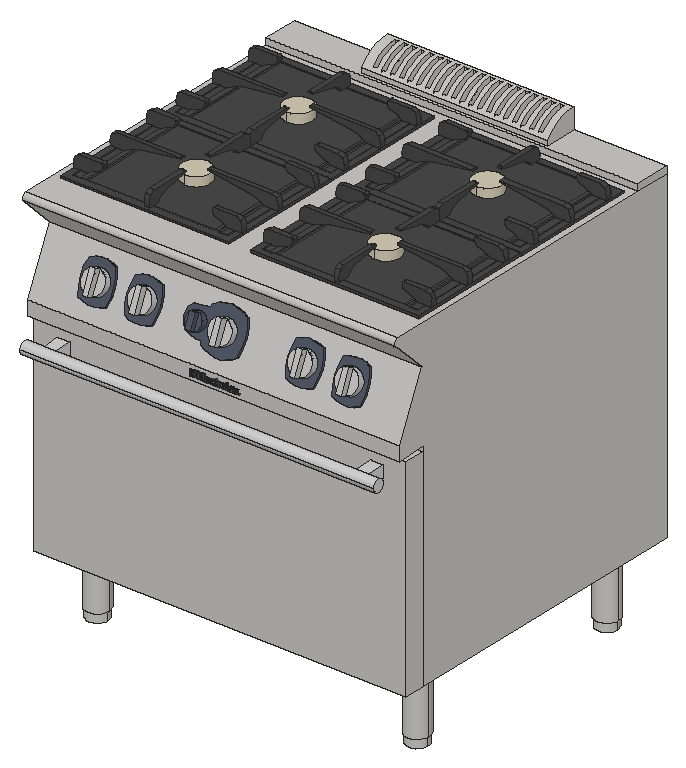
Revit family "QF_ELECTROLUXPROFESSIONAL_371002_E7GCGH4CG0", category Specialty Equipment, Revit 2018 (continued)
Automatic sketch dimensions
  Extrusion 26 sketch curve to Extrusion 26 sketch curve = 0.063 mm
  Extrusion 26 sketch curve to Extrusion 26 sketch curve = 1.023 mm
  Extrusion 26 sketch curve to Extrusion 26 sketch curve = 3.804 mm
  Extrusion 26 sketch curve to Extrusion 26 sketch curve = 0.486 mm
  Extrusion 26 sketch curve to Extrusion 26 sketch curve = 0.266 mm
  Extrusion 26 sketch curve to plane 7 "Center Y" = 0.787 mm
  Extrusion 26 sketch curve to Extrusion 26 sketch curve = 1.547 mm
  Extrusion 26 sketch curve to Extrusion 26 sketch curve = 0.717 mm  (x2)
  Extrusion 26 sketch curve to Extrusion 26 sketch curve = 1.667 mm
  plane 7 "Center Y" to Extrusion 26 sketch curve = 44.532 mm
  Extrusion 26 sketch curve to Extrusion 26 sketch curve = 3.174 mm
  plane 7 "Center Y" to Extrusion 26 sketch curve = 0.368 mm
  Extrusion 26 sketch curve to Extrusion 26 sketch curve = 0.388 mm
  Extrusion 26 sketch curve to Extrusion 26 sketch curve = 1.342 mm
  plane 7 "Center Y" to Extrusion 26 sketch curve = 50.135 mm
  Extrusion 26 sketch curve to Extrusion 26 sketch curve = 1.521 mm
  plane 7 "Center Y" to Extrusion 26 sketch curve = 51.694 mm
  Extrusion 26 sketch curve to Extrusion 26 sketch curve = 0.124 mm
  Extrusion 26 sketch curve to Extrusion 26 sketch curve = 0.291 mm
  plane 7 "Center Y" to Extrusion 26 sketch curve = 7.285 mm
  Extrusion 26 sketch curve to Extrusion 26 sketch curve = 1.049 mm  (x2)
  plane 7 "Center Y" to Extrusion 26 sketch curve = 47.668 mm
  Extrusion 26 sketch curve to Extrusion 26 sketch curve = 1.7 mm
  Extrusion 26 sketch curve to Extrusion 26 sketch curve = 0.894 mm
  Extrusion 26 sketch curve to Extrusion 26 sketch curve = 0.989 mm
  Extrusion 26 sketch curve to Extrusion 26 sketch curve = 1.168 mm
  Extrusion 26 sketch curve to Extrusion 26 sketch curve = 1.594 mm
  Extrusion 26 sketch curve to Extrusion 26 sketch curve = 0.731 mm
  Extrusion 26 sketch curve to Extrusion 26 sketch curve = 1.566 mm
  Extrusion 26 sketch curve to Extrusion 26 sketch curve = 0.064 mm
  plane 7 "Center Y" to Extrusion 26 sketch curve = 7.842 mm
  Extrusion 26 sketch curve to Extrusion 26 sketch curve = 0.556 mm
  Extrusion 26 sketch curve to Extrusion 26 sketch curve = 0.48 mm
  Extrusion 26 sketch curve to Extrusion 26 sketch curve = 0.228 mm
  Extrusion 26 sketch curve to Extrusion 26 sketch curve = 1.018 mm
  plane 7 "Center Y" to Extrusion 26 sketch curve = 37.429 mm
  Extrusion 26 sketch curve to Extrusion 26 sketch curve = 0.787 mm
  Extrusion 26 sketch curve to Extrusion 26 sketch curve = 0.618 mm
  plane 7 "Center Y" to Extrusion 26 sketch curve = 42.486 mm
  Extrusion 26 sketch curve to Extrusion 26 sketch curve = 1.672 mm
  plane 7 "Center Y" to Extrusion 26 sketch curve = 53.436 mm
  Extrusion 26 sketch curve to Extrusion 26 sketch curve = 1.361 mm
  Extrusion 26 sketch curve to Extrusion 26 sketch curve = 0.822 mm
  Extrusion 26 sketch curve to Extrusion 26 sketch curve = 0.069 mm
  Extrusion 26 sketch curve to Extrusion 26 sketch curve = 1.88 mm
  plane 7 "Center Y" to Extrusion 26 sketch curve = 35.269 mm
  Extrusion 26 sketch curve to Extrusion 26 sketch curve = 0.42 mm
  Extrusion 26 sketch curve to Extrusion 26 sketch curve = 0.062 mm
  Extrusion 26 sketch curve to Extrusion 26 sketch curve = 1.355 mm
  Extrusion 26 sketch curve to Extrusion 26 sketch curve = 2.34 mm
  Extrusion 26 sketch curve to Extrusion 26 sketch curve = 0.493 mm
  Extrusion 26 sketch curve to Extrusion 26 sketch curve = 0.136 mm
  Extrusion 26 sketch curve to Extrusion 26 sketch curve = 0.128 mm
  Extrusion 26 sketch curve to Extrusion 26 sketch curve = 3.616 mm
  Extrusion 26 sketch curve to Extrusion 26 sketch curve = 4.207 mm
  Extrusion 26 sketch curve to Extrusion 26 sketch curve = 0.183 mm
  Extrusion 26 sketch curve to Extrusion 26 sketch curve = 0.895 mm
  Extrusion 26 sketch curve to Extrusion 26 sketch curve = 1.314 mm
  Extrusion 26 sketch curve to Extrusion 26 sketch curve = 3.231 mm
  Extrusion 26 sketch curve to plane 7 "Center Y" = 23.526 mm
  Extrusion 26 sketch curve to Extrusion 26 sketch curve = 1.299 mm
  Extrusion 26 sketch curve to Extrusion 26 sketch curve = 1.214 mm
  plane 7 "Center Y" to Extrusion 26 sketch curve = 26.369 mm
  Extrusion 26 sketch curve to Extrusion 26 sketch curve = 1.264 mm
  Extrusion 26 sketch curve to Extrusion 26 sketch curve = 0.109 mm
  Extrusion 26 sketch curve to Extrusion 26 sketch curve = 0.357 mm
  Extrusion 26 sketch curve to Extrusion 26 sketch curve = 0.565 mm
  Extrusion 26 sketch curve to Extrusion 26 sketch curve = 2.504 mm
  Extrusion 26 sketch curve to Extrusion 26 sketch curve = 2.459 mm
  Extrusion 26 sketch curve to Extrusion 26 sketch curve = 0.983 mm
  Extrusion 26 sketch curve to Extrusion 26 sketch curve = 0.422 mm  (x2)
  Extrusion 26 sketch curve to Extrusion 26 sketch curve = 1.268 mm
  Extrusion 26 sketch curve to Extrusion 26 sketch curve = 0.671 mm
  Extrusion 26 sketch curve to Extrusion 26 sketch curve = 1.634 mm
  Extrusion 26 sketch curve to Extrusion 26 sketch curve = 0.132 mm
  Extrusion 26 sketch curve to Extrusion 26 sketch curve = 0.586 mm
  Extrusion 26 sketch curve to Extrusion 26 sketch curve = 1.241 mm
  Extrusion 26 sketch curve to Extrusion 26 sketch curve = 1.689 mm
  Extrusion 26 sketch curve to Extrusion 26 sketch curve = 0.627 mm
  Extrusion 26 sketch curve to Extrusion 26 sketch curve = 0.419 mm
  Extrusion 26 sketch curve to Extrusion 26 sketch curve = 1.514 mm
  Extrusion 26 sketch curve to Extrusion 26 sketch curve = 1.019 mm
  Extrusion 26 sketch curve to Extrusion 26 sketch curve = 0.065 mm
  Extrusion 26 sketch curve to Extrusion 26 sketch curve = 1.215 mm
  Extrusion 26 sketch curve to Extrusion 26 sketch curve = 1.122 mm
  Extrusion 26 sketch curve to Extrusion 26 sketch curve = 1.153 mm
  Extrusion 26 sketch curve to Extrusion 26 sketch curve = 1.223 mm
  Extrusion 26 sketch curve to Extrusion 26 sketch curve = 0.934 mm
  Extrusion 26 sketch curve to Extrusion 26 sketch curve = 3.376 mm
  Extrusion 26 sketch curve to Extrusion 26 sketch curve = 0.222 mm
  Extrusion 26 sketch curve to Extrusion 26 sketch curve = 1.383 mm
  Extrusion 26 sketch curve to Extrusion 26 sketch curve = 1.556 mm
  Extrusion 26 sketch curve to Extrusion 26 sketch curve = 2.559 mm
  Extrusion 26 sketch curve to Extrusion 26 sketch curve = 2.51 mm
  Extrusion 26 sketch curve to Extrusion 26 sketch curve = 0.131 mm
  Extrusion 26 sketch curve to Extrusion 26 sketch curve = 1.134 mm
  Extrusion 26 sketch curve to Extrusion 26 sketch curve = 0.094 mm
  Extrusion 26 sketch curve to Extrusion 26 sketch curve = 1.584 mm
  Extrusion 26 sketch curve to Extrusion 26 sketch curve = 0.27 mm
  Extrusion 26 sketch curve to Extrusion 26 sketch curve = 0.916 mm
  Extrusion 26 sketch curve to Extrusion 26 sketch curve = 0.352 mm
  Extrusion 26 sketch curve to Extrusion 26 sketch curve = 0.458 mm
  Extrusion 26 sketch curve to Extrusion 26 sketch curve = 1.282 mm
  Extrusion 26 sketch curve to Extrusion 26 sketch curve = 1.363 mm
  Extrusion 26 sketch curve to Extrusion 26 sketch curve = 0.685 mm
  Extrusion 26 sketch curve to Extrusion 26 sketch curve = 0.905 mm
  Extrusion 26 sketch curve to Extrusion 26 sketch curve = 1.477 mm
  Extrusion 26 sketch curve to Extrusion 26 sketch curve = 0.472 mm
  Extrusion 26 sketch curve to Extrusion 26 sketch curve = 0.101 mm
  Extrusion 26 sketch curve to Extrusion 26 sketch curve = 0.54 mm
  Extrusion 26 sketch curve to Extrusion 26 sketch curve = 0.02 mm
  Extrusion 26 sketch curve to Extrusion 26 sketch curve = 0.829 mm
  Extrusion 26 sketch curve to Extrusion 26 sketch curve = 0.582 mm
  Extrusion 26 sketch curve to Extrusion 26 sketch curve = 0.166 mm
  Extrusion 26 sketch curve to Extrusion 26 sketch curve = 0.16 mm
  Extrusion 26 sketch curve to Extrusion 26 sketch curve = 1.118 mm
  Extrusion 26 sketch curve to Extrusion 26 sketch curve = 0.613 mm
  Extrusion 26 sketch curve to Extrusion 26 sketch curve = 0.781 mm
  Extrusion 26 sketch curve to Extrusion 26 sketch curve = 0.361 mm
  Extrusion 26 sketch curve to Extrusion 26 sketch curve = 0.897 mm
  Extrusion 26 sketch curve to Extrusion 26 sketch curve = 0.167 mm
  Extrusion 26 sketch curve to Extrusion 26 sketch curve = 0.292 mm
  Extrusion 26 sketch curve to Extrusion 26 sketch curve = 0.305 mm
  Extrusion 26 sketch curve to Extrusion 26 sketch curve = 1.557 mm
  Extrusion 26 sketch curve to Extrusion 26 sketch curve = 2.499 mm
  Extrusion 26 sketch curve to Extrusion 26 sketch curve = 3.062 mm
  Extrusion 26 sketch curve to Extrusion 26 sketch curve = 2.968 mm
  Extrusion 26 sketch curve to Extrusion 26 sketch curve = 5.044 mm
  Extrusion 26 sketch curve to Extrusion 26 sketch curve = 0.629 mm  (x2)
  Extrusion 26 sketch curve to Extrusion 26 sketch curve = 1.131 mm
  Extrusion 26 sketch curve to Extrusion 26 sketch curve = 0.137 mm
  Extrusion 26 sketch curve to Extrusion 26 sketch curve = 0.027 mm
  Extrusion 26 sketch curve to Extrusion 26 sketch curve = 2.046 mm
  Extrusion 26 sketch curve to Extrusion 26 sketch curve = 2.235 mm
  radius of Extrusion 9 sketch curve = 12.7 mm
  radius of Extrusion 12 sketch curve = 25.4 mm  (x5)
  radius of Extrusion 15 sketch curve = 18.37 mm
  radius of Extrusion 17 sketch curve = 6.35 mm
Nested families
  nested 1: "371009_BURNER" at (8.5, -5, 0), type "371009_BURNER"
    with Type Mark "", Status "", Specification by User "", Revision Code "", Item Number "", Installed By "", Identify Quantity as Lot yes, Furnished By "", Foodservice Equipment Identifier yes
  nested 2: "371009_BURNER" at (8.5, -739.127, 0), type "371009_BURNER"
    with Type Mark "", Status "", Specification by User "", Revision Code "", Item Number "", Installed By "", Identify Quantity as Lot yes, Furnished By "", Foodservice Equipment Identifier yes
  nested 3: "371009_BURNER" at (416.5, -5, 0), type "371009_BURNER"
    with Type Mark "", Status "", Specification by User "", Revision Code "", Item Number "", Installed By "", Identify Quantity as Lot yes, Furnished By "", Foodservice Equipment Identifier yes
  nested 4: "371009_BURNER" at (416.5, -739.127, 0), type "371009_BURNER"
    with Type Mark "", Status "", Specification by User "", Revision Code "", Item Number "", Installed By "", Identify Quantity as Lot yes, Furnished By "", Foodservice Equipment Identifier yes
Connectors
  piping at (747.613, -464, 141.185), diameter 12.8
    settings: on Extrusion 17, index 1, connector inside diameter 0.50394", connector length 0 mm, flow factor 0, pipe flow 0 GPM, pressure drop 0.00 psi, fitting loss kfactor 0, connector angle 0.00°, fixture units 0, engagement length 0 mm, angle of deflection 0.00°, flow configuration 1, flow direction 1, fitting loss method 0, system type 7, joint type 0, gender type 0, connector reference index -1, connector utility 0, adjustable connector no, is connector primary yes, connector description "Gas Inlet"
Definition of nested family "371009_BURNER"
  Parameters
    Weight in Pounds = 0
    URL Cutsheet = ""
    URL = "www.electrolux.com"
    Type Mark [instance] = ""
    Status [instance] = ""
    Specification by User [instance] = ""
    Specification by Manufacturer = ""
    Serial Number = ""
    Seismic Rating = ""
    SMACNA No = ""
    Revision Code [instance] = ""
    Omniclass Number and Title = ""
    NAFEM Spec ID Number = ""
    Model = "371009"
    Masterspec = ""
    Manufacturer = "ELECTROLUX"
    Item Number [instance] = ""
    Installed By [instance] = ""
    Identify Quantity as Lot [instance] = yes
    Furnished By [instance] = ""
    Foodservice Equipment Identifier [instance] = yes
    Description = ""
    CSI MasterFormat = ""
    CSI Master Format = ""
  Reference planes
    plane 1 "BACK": y = 0
    plane 2: z = 0
    plane 3 "LEFT": x = 0
    plane 4 "RIGHT": x = 800
    plane 5 "FRONT": y = -700
    plane 6 "TOP": z = 908.85
    plane 7 "Center Y": x = 400
    plane 8 "Center X": y = -350
    plane 9 "Base": z = 150
    plane 10: z = 850.85
  Forms (mm)
    Extrusion 1, solid
      sketch origin (0, -734.127, 5) x (1, 0, 0) y (0, 0, -1)
        loop
          arc (7.142, -850.85) -> (6.739, -862.989) -> (9.761, -874.752) r 42.809
          line (9.761, -874.752) -> (19.961, -879.425) -> (157.339, -879.425)
          arc (157.339, -879.425) -> (158.533, -878.312) -> (157.506, -877.043) r 1.197
          line (157.506, -877.043) -> (64.848, -864.021)
          arc (64.848, -864.021) -> (50.111, -858.738) -> (36.589, -850.85) r 85.245
          line (36.589, -850.85) -> (7.142, -850.85)
        loop
          line (367.858, -850.85) -> (338.411, -850.85)
          arc (338.411, -850.85) -> (324.889, -858.738) -> (310.152, -864.021) r 85.245
          line (310.152, -864.021) -> (217.494, -877.043)
          arc (217.494, -877.043) -> (216.467, -878.312) -> (217.661, -879.425) r 1.197
          line (217.661, -879.425) -> (355.039, -879.425) -> (365.239, -874.752)
          arc (365.239, -874.752) -> (368.261, -862.989) -> (367.858, -850.85) r 42.809
      from 224.564 to 234.564
    Extrusion 2, solid
      sketch origin (0, -734.127, 5) x (1, 0, 0) y (0, 0, -1)
        loop
          arc (7.056, -850.85) -> (6.705, -862.948) -> (9.748, -874.663) r 42.876
          line (9.748, -874.663) -> (19.961, -879.425) -> (65.851, -879.425)
          arc (65.851, -879.425) -> (68.577, -878.352) -> (69.841, -875.709) r 4
          arc (69.841, -875.709) -> (68.75, -869.25) -> (64.816, -864.012) r 13.87
          arc (64.816, -864.012) -> (50.096, -858.731) -> (36.589, -850.85) r 85.245
          line (36.589, -850.85) -> (7.056, -850.85)
        loop
          line (367.944, -850.85) -> (338.411, -850.85)
          arc (338.411, -850.85) -> (324.904, -858.731) -> (310.184, -864.012) r 85.245
          arc (310.184, -864.012) -> (306.25, -869.25) -> (305.159, -875.709) r 13.87
          arc (305.159, -875.709) -> (306.423, -878.352) -> (309.149, -879.425) r 4
          line (309.149, -879.425) -> (355.039, -879.425) -> (365.252, -874.663)
          arc (365.252, -874.663) -> (368.295, -862.948) -> (367.944, -850.85) r 42.876
      from 127.064 to 137.064
    Extrusion 3, solid
      sketch origin (0, -275, 5) x (1, 0, 0) y (0, 0, 1)
        loop
          arc (64.816, 864.012) -> (68.75, 869.25) -> (69.841, 875.709) r 13.87
          arc (69.841, 875.709) -> (68.577, 878.352) -> (65.851, 879.425) r 4
          line (65.851, 879.425) -> (19.961, 879.425) -> (9.748, 874.663)
          arc (9.748, 874.663) -> (6.705, 862.948) -> (7.056, 850.85) r 42.876
          line (7.056, 850.85) -> (36.589, 850.85)
          arc (36.589, 850.85) -> (50.096, 858.731) -> (64.816, 864.012) r 85.245
        loop
          arc (310.184, 864.012) -> (324.904, 858.731) -> (338.411, 850.85) r 85.245
          line (338.411, 850.85) -> (367.944, 850.85)
          arc (367.944, 850.85) -> (368.295, 862.948) -> (365.252, 874.663) r 42.876
          line (365.252, 874.663) -> (355.039, 879.425) -> (309.149, 879.425)
          arc (309.149, 879.425) -> (306.423, 878.352) -> (305.159, 875.709) r 4
          arc (305.159, 875.709) -> (306.25, 869.25) -> (310.184, 864.012) r 13.87
      from 127.064 to 137.064
    Extrusion 4, solid
      sketch origin (454.964, -29.48, 5) x (0, -1, 0) y (0, 0, 1)
        loop
          arc (366.649, 850.85) -> (375.927, 861.743) -> (389.337, 866.736) r 28.426
          line (389.337, 866.736) -> (441.256, 877.043)
          arc (441.256, 877.043) -> (442.283, 878.312) -> (441.089, 879.425) r 1.197
          line (441.089, 879.425) -> (347.797, 879.425)
          arc (347.797, 879.425) -> (343.211, 875.934) -> (337.583, 874.694) r 13.39
          line (337.583, 874.694) -> (337.583, 850.85) -> (366.649, 850.85)
        loop
          arc (606.236, 850.85) -> (606.587, 862.948) -> (603.543, 874.663) r 42.876
          line (603.543, 874.663) -> (593.33, 879.425) -> (509.077, 879.425)
          arc (509.077, 879.425) -> (507.883, 878.312) -> (508.911, 877.043) r 1.197
          line (508.911, 877.043) -> (560.83, 866.736)
          arc (560.83, 866.736) -> (574.239, 861.743) -> (583.518, 850.85) r 28.426
          line (583.518, 850.85) -> (606.236, 850.85)
      from 262.464 to 272.464
    Extrusion 5, solid
      sketch origin (0, 0, 850.85) x (0, -1, 0) y (1, 0, 0)
        loop
          line (642.216, 6.433) -> (642.216, 368.567) -> (367.857, 368.567) -> (367.857, 6.433) -> (642.216, 6.433)
        loop
          line (382.857, 21.433) -> (627.216, 21.433) -> (627.216, 353.567) -> (382.857, 353.567) -> (382.857, 21.433)
      from 0 to 5
    Extrusion 6, solid
      sketch origin (-12.5, 0, 855.85) x (0, -1, 0) y (1, 0, 0)
        loop
          circle (504.356, 200) r 30
      from -1.321 to 17.134
    Extrusion 7, solid
      sketch origin (0, -734.127, 0) x (1, 0, 0) y (0, 0, -1)
        loop
          line (21.433, -855.85) -> (36.589, -855.85)
          arc (36.589, -855.85) -> (40.561, -855.243) -> (44.305, -853.783) r 18.259
          arc (44.305, -853.783) -> (45.997, -853.366) -> (47.69, -853.783) r 3.649
          arc (47.69, -853.783) -> (49.901, -854.522) -> (52.232, -854.529) r 7.328
          line (52.232, -854.529) -> (322.768, -854.529)
          arc (322.768, -854.529) -> (325.099, -854.522) -> (327.31, -853.783) r 7.328
          arc (327.31, -853.783) -> (329.003, -853.366) -> (330.695, -853.783) r 3.649
          arc (330.695, -853.783) -> (334.439, -855.243) -> (338.411, -855.85) r 18.259
          line (338.411, -855.85) -> (353.567, -855.85) -> (353.567, -850.85) -> (21.433, -850.85) -> (21.433, -855.85)
      from 106.911 to 351.27
  Lines and regions (mm)
    symbolic lines
      curve 1: line (6.433, -642.216, 150) -> (368.567, -642.216, 150)
      curve 2: line (6.433, -367.857, 150) -> (6.433, -642.216, 150)
      curve 3: line (368.567, -367.857, 150) -> (192.5, -367.857, 150)
      curve 4: line (368.567, -642.216, 150) -> (368.567, -367.857, 150)
      curve 5: line (353.567, -382.857, 150) -> (192.5, -382.857, 150)
      curve 6: line (353.567, -627.216, 150) -> (353.567, -607.064, 150)
      curve 7: line (21.433, -627.216, 150) -> (182.5, -627.216, 150)
      curve 8: line (21.433, -382.857, 150) -> (21.433, -402.064, 150)
      curve 9: line (52.232, -627.216, 150) -> (52.232, -607.064, 150)
      curve 10: line (322.567, -382.857, 150) -> (322.567, -402.064, 150)
      curve 11: line (148.125, -499.564, 150) -> (148.125, -382.857, 150)
      curve 12: line (154.375, -382.857, 150) -> (154.375, -499.564, 150)
      curve 13: arc (148.297, -509.564, 150) -> (159.191, -533.254, 150) -> (182.5, -544.942, 150) r 39.375
      curve 14: arc (220.42, -509.564, 150) -> (211.39, -528.832, 150) -> (192.5, -538.631, 150) r 33.125
      curve 15: line (220.625, -382.857, 150) -> (220.625, -499.564, 150)
      curve 16: line (226.875, -499.564, 150) -> (226.875, -382.857, 150)
      curve 17: line (192.5, -636.339, 150) -> (192.5, -535.619, 150)
      curve 18: arc (182.657, -474.75, 150) -> (166.195, -483.236, 150) -> (157.853, -499.771, 150) r 30
      curve 19: arc (192.224, -533.982, 150) -> (208.621, -525.661, 150) -> (217.084, -509.337, 150) r 30
      curve 20: line (368.567, -597.064, 150) -> (305.159, -597.064, 150)
      curve 21: line (6.433, -607.064, 150) -> (69.841, -607.064, 150)
      curve 22: line (6.433, -509.564, 150) -> (156.429, -509.564, 150)
      curve 23: line (368.567, -499.564, 150) -> (218.571, -499.564, 150)
      curve 24: line (6.433, -412.064, 150) -> (69.841, -412.064, 150)
      curve 25: line (368.567, -402.064, 150) -> (305.159, -402.064, 150)
      curve 26: line (69.841, -597.064, 150) -> (6.433, -597.064, 150)
      curve 27: line (305.159, -607.064, 150) -> (368.567, -607.064, 150)
      curve 28: line (69.841, -402.064, 150) -> (6.433, -402.064, 150)
      curve 29: line (305.159, -412.064, 150) -> (368.567, -412.064, 150)
      curve 30: arc (69.841, -597.064, 150) -> (74.841, -602.064, 150) -> (69.841, -607.064, 150) r 5
      curve 31: arc (305.159, -607.064, 150) -> (300.159, -602.064, 150) -> (305.159, -597.064, 150) r 5
      curve 32: arc (69.841, -402.064, 150) -> (74.841, -407.064, 150) -> (69.841, -412.064, 150) r 5
      curve 33: arc (305.159, -412.064, 150) -> (300.159, -407.064, 150) -> (305.159, -402.064, 150) r 5
      curve 34: line (21.433, -412.064, 150) -> (21.433, -499.564, 150)
      curve 35: line (52.232, -402.064, 150) -> (52.232, -382.857, 150)
      curve 36: line (21.433, -509.564, 150) -> (21.433, -597.064, 150)
      curve 37: line (52.232, -499.564, 150) -> (52.232, -412.064, 150)
      curve 38: line (52.232, -597.064, 150) -> (52.232, -509.564, 150)
      curve 39: line (21.433, -607.064, 150) -> (21.433, -627.216, 150)
      curve 40: line (322.567, -607.064, 150) -> (322.567, -627.216, 150)
      curve 41: line (353.567, -597.064, 150) -> (353.567, -509.564, 150)
      curve 42: line (322.567, -509.564, 150) -> (322.567, -597.064, 150)
      curve 43: line (353.567, -499.564, 150) -> (353.567, -412.064, 150)
      curve 44: line (353.567, -402.064, 150) -> (353.567, -382.857, 150)
      curve 45: line (322.567, -412.064, 150) -> (322.567, -499.564, 150)
      curve 46: line (156.429, -499.564, 150) -> (6.433, -499.564, 150)
      curve 47: line (218.571, -509.564, 150) -> (368.567, -509.564, 150)
      curve 48: arc (218.571, -499.564, 150) -> (213.571, -504.564, 150) -> (218.571, -509.564, 150) r 5
      curve 49: arc (156.429, -499.564, 150) -> (161.429, -504.564, 150) -> (156.429, -509.564, 150) r 5
      curve 50: arc (157.916, -509.337, 150) -> (166.379, -525.661, 150) -> (182.776, -533.982, 150) r 30
      curve 51: arc (217.147, -499.771, 150) -> (208.805, -483.236, 150) -> (192.343, -474.75, 150) r 30
      curve 52: line (182.5, -535.619, 150) -> (182.5, -636.339, 150)
      curve 53: line (192.5, -473.508, 150) -> (192.5, -367.064, 150)
      curve 54: arc (192.5, -535.619, 150) -> (187.5, -530.619, 150) -> (182.5, -535.619, 150) r 5
      curve 55: arc (192.5, -473.508, 150) -> (187.5, -478.508, 150) -> (182.5, -473.508, 150) r 5
      curve 56: line (182.5, -367.857, 150) -> (6.433, -367.857, 150)
      curve 57: line (182.5, -382.857, 150) -> (21.433, -382.857, 150)
      curve 58: arc (192.5, -404.571, 150) -> (196.398, -417.071, 150) -> (192.5, -429.571, 150) r 21.993
      curve 59: arc (196.181, -420.148, 150) -> (199.482, -417.071, 150) -> (196.181, -413.995, 150) r 3.084
      curve 60: arc (182.5, -404.571, 150) -> (178.602, -417.071, 150) -> (182.5, -429.571, 150) r 21.993
      curve 61: arc (178.819, -420.148, 150) -> (175.518, -417.071, 150) -> (178.819, -413.995, 150) r 3.084
      curve 62: line (182.5, -367.064, 150) -> (182.5, -473.508, 150)
      curve 63: arc (182.5, -538.631, 150) -> (163.61, -528.832, 150) -> (154.58, -509.564, 150) r 33.125
      curve 64: arc (192.5, -544.942, 150) -> (215.809, -533.254, 150) -> (226.703, -509.564, 150) r 39.375
      curve 65: line (182.5, -636.339, 150) -> (192.5, -636.339, 150)
      curve 66: line (182.5, -377.277, 150) -> (192.5, -377.277, 150)
      curve 67: line (182.5, -367.064, 150) -> (192.5, -367.064, 150)
      curve 68: line (192.5, -627.216, 150) -> (353.567, -627.216, 150)
  Dimensions and locks
    equal spacing: plane 3 "LEFT", plane 7 "Center Y", plane 4 "RIGHT"
    plane 3 "LEFT" to plane 4 "RIGHT" = 800 mm
    equal spacing: plane 5 "FRONT", plane 8 "Center X", plane 1 "BACK"
    plane 5 "FRONT" to plane 1 "BACK" = 700 mm
    plane 6 "TOP" to level = 908.85 mm
    plane 9 "Base" to level = 150 mm
    plane 6 "TOP" to plane 10 = 58 mm  (x2)
    aligned and locked: level to plane 2
  Automatic sketch dimensions
    Extrusion 5 sketch curve to Extrusion 5 sketch curve = 15 mm  (x2)
    Extrusion 5 sketch curve to Extrusion 5 sketch curve = 332.134 mm
    plane 3 "LEFT" to Extrusion 2 sketch curve = 7.056 mm
    plane 3 "LEFT" to Extrusion 2 sketch curve = 9.748 mm
    Extrusion 2 sketch curve to Extrusion 2 sketch curve = 10.213 mm  (x2)
    plane 10 to Extrusion 2 sketch curve = 5 mm  (x2)
    Extrusion 2 sketch curve to Extrusion 2 sketch curve = 29.533 mm
    Extrusion 2 sketch curve to Extrusion 2 sketch curve = 12.72 mm  (x2)
    Extrusion 2 sketch curve to Extrusion 2 sketch curve = 6.697 mm
    Extrusion 2 sketch curve to Extrusion 2 sketch curve = 8.81 mm
    Extrusion 2 sketch curve to Extrusion 2 sketch curve = 9.845 mm  (x2)
    Extrusion 2 sketch curve to Extrusion 2 sketch curve = 3.99 mm  (x2)
    Extrusion 2 sketch curve to Extrusion 2 sketch curve = 0 mm  (x2)
    Extrusion 2 sketch curve to Extrusion 2 sketch curve = 36.813 mm
    Extrusion 2 sketch curve to plane 7 "Center Y" = 111.122 mm
    Extrusion 2 sketch curve to plane 6 "TOP" = 28.141 mm
    Extrusion 2 sketch curve to plane 7 "Center Y" = 94.841 mm
    Extrusion 2 sketch curve to Extrusion 2 sketch curve = 1.035 mm
    Extrusion 2 sketch curve to Extrusion 2 sketch curve = 15.507 mm
    Extrusion 2 sketch curve to Extrusion 2 sketch curve = 16.628 mm
    Extrusion 2 sketch curve to Extrusion 2 sketch curve = 2.692 mm
    Extrusion 2 sketch curve to plane 6 "TOP" = 24.425 mm
    Extrusion 2 sketch curve to Extrusion 2 sketch curve = 28.575 mm
    Extrusion 2 sketch curve to Extrusion 2 sketch curve = 3.716 mm
    Extrusion 2 sketch curve to Extrusion 2 sketch curve = 4.763 mm  (x2)
    plane 3 "LEFT" to Extrusion 1 sketch curve = 7.142 mm
    plane 3 "LEFT" to Extrusion 1 sketch curve = 9.761 mm
    Extrusion 1 sketch curve to Extrusion 1 sketch curve = 10.201 mm  (x2)
    plane 10 to Extrusion 1 sketch curve = 5 mm  (x2)
    Extrusion 1 sketch curve to Extrusion 1 sketch curve = 29.447 mm
    Extrusion 1 sketch curve to Extrusion 1 sketch curve = 12.704 mm  (x2)
    Extrusion 1 sketch curve to Extrusion 1 sketch curve = 15.555 mm  (x2)
    Extrusion 1 sketch curve to Extrusion 1 sketch curve = 36.829 mm
    Extrusion 1 sketch curve to plane 6 "TOP" = 24.425 mm  (x2)
    Extrusion 1 sketch curve to Extrusion 1 sketch curve = 92.491 mm
    Extrusion 1 sketch curve to plane 6 "TOP" = 26.807 mm  (x2)
    Extrusion 1 sketch curve to Extrusion 1 sketch curve = 0.167 mm  (x2)
    Extrusion 1 sketch curve to Extrusion 1 sketch curve = 59.988 mm
    Extrusion 1 sketch curve to plane 7 "Center Y" = 111.122 mm
    plane 10 to Extrusion 1 sketch curve = 18.171 mm
    Extrusion 1 sketch curve to Extrusion 1 sketch curve = 21.274 mm
    Extrusion 1 sketch curve to Extrusion 1 sketch curve = 16.628 mm
    Extrusion 1 sketch curve to Extrusion 1 sketch curve = 2.618 mm
    Extrusion 1 sketch curve to Extrusion 1 sketch curve = 4.673 mm  (x2)
    Extrusion 1 sketch curve to Extrusion 1 sketch curve = 5.694 mm
    plane 3 "LEFT" to Extrusion 3 sketch curve = 7.056 mm
    plane 3 "LEFT" to Extrusion 3 sketch curve = 9.748 mm
    Extrusion 3 sketch curve to Extrusion 3 sketch curve = 10.213 mm  (x2)
    plane 10 to Extrusion 3 sketch curve = 5 mm  (x2)
    Extrusion 3 sketch curve to Extrusion 3 sketch curve = 29.533 mm
    Extrusion 3 sketch curve to Extrusion 3 sketch curve = 12.72 mm  (x2)
    Extrusion 3 sketch curve to Extrusion 3 sketch curve = 6.697 mm
    Extrusion 3 sketch curve to Extrusion 3 sketch curve = 8.81 mm
    Extrusion 3 sketch curve to Extrusion 3 sketch curve = 9.845 mm  (x2)
    Extrusion 3 sketch curve to Extrusion 3 sketch curve = 3.99 mm  (x2)
    Extrusion 3 sketch curve to Extrusion 3 sketch curve = 0 mm  (x2)
    Extrusion 3 sketch curve to Extrusion 3 sketch curve = 36.813 mm
    Extrusion 3 sketch curve to plane 7 "Center Y" = 111.122 mm
    Extrusion 3 sketch curve to plane 6 "TOP" = 28.141 mm
    Extrusion 3 sketch curve to plane 7 "Center Y" = 94.841 mm
    Extrusion 3 sketch curve to Extrusion 3 sketch curve = 1.035 mm
    Extrusion 3 sketch curve to Extrusion 3 sketch curve = 15.507 mm
    Extrusion 3 sketch curve to Extrusion 3 sketch curve = 16.628 mm
    Extrusion 3 sketch curve to Extrusion 3 sketch curve = 2.692 mm
    Extrusion 3 sketch curve to plane 10 = 64.377 mm  (x2)
    plane 10 to Extrusion 3 sketch curve = 12.281 mm  (x2)
    Extrusion 3 sketch curve to Extrusion 3 sketch curve = 10.713 mm
    Extrusion 5 to Extrusion 6 sketch curve = 121.499 mm
    Extrusion 5 to Extrusion 6 sketch curve = 166.067 mm
    plane 3 "LEFT" to Extrusion 5 sketch curve = 21.433 mm
    Extrusion 5 sketch curve to plane 5 "FRONT" = 72.784 mm
    plane 3 "LEFT" to Extrusion 7 sketch curve = 21.433 mm
    Extrusion 7 sketch curve to Extrusion 7 sketch curve = 14.402 mm
    plane 10 to Extrusion 7 sketch curve = 5 mm
    plane 10 to Extrusion 7 sketch curve = 2.933 mm  (x4)
    Extrusion 7 sketch curve to Extrusion 7 sketch curve = 7.716 mm  (x2)
    Extrusion 7 sketch curve to Extrusion 7 sketch curve = 0 mm  (x2)
    Extrusion 7 sketch curve to Extrusion 7 sketch curve = 1.692 mm  (x2)
    Extrusion 7 sketch curve to Extrusion 7 sketch curve = 3.385 mm  (x2)
    Extrusion 7 sketch curve to plane 10 = 3.559 mm  (x2)
    Extrusion 7 sketch curve to Extrusion 7 sketch curve = 302.478 mm
    Extrusion 7 sketch curve to Extrusion 7 sketch curve = 15.253 mm
    Extrusion 7 sketch curve to Extrusion 7 sketch curve = 15.156 mm  (x2)
    Extrusion 7 sketch curve to Extrusion 7 sketch curve = 3.233 mm
    Extrusion 7 sketch curve to plane 10 = 0 mm
    Extrusion 7 sketch curve to plane 7 "Center Y" = 77.232 mm
    Extrusion 5 sketch curve to plane 8 "Center X" = 32.857 mm
    plane 3 "LEFT" to Extrusion 5 sketch curve = 6.433 mm
    plane 1 "BACK" to Extrusion 5 sketch curve = 367.857 mm
    plane 10 to Extrusion 4 sketch curve = 5 mm  (x2)
    Extrusion 4 sketch curve to Extrusion 4 sketch curve = 29.066 mm
    Extrusion 4 sketch curve to Extrusion 4 sketch curve = 22.688 mm
    Extrusion 4 sketch curve to plane 10 = 7.392 mm  (x2)
    Extrusion 4 sketch curve to Extrusion 4 sketch curve = 25.583 mm
    Extrusion 4 sketch curve to plane 6 "TOP" = 24.425 mm  (x2)
    Extrusion 4 sketch curve to Extrusion 4 sketch curve = 51.752 mm
    Extrusion 4 sketch curve to Extrusion 4 sketch curve = 0.167 mm  (x2)
    Extrusion 4 sketch curve to plane 6 "TOP" = 26.807 mm
    Extrusion 4 sketch curve to Extrusion 4 sketch curve = 67.655 mm
    Extrusion 4 sketch curve to Extrusion 4 sketch curve = 49.024 mm
    Extrusion 4 sketch curve to Extrusion 4 sketch curve = 2.895 mm
    Extrusion 4 sketch curve to Extrusion 4 sketch curve = 3.153 mm
    Extrusion 4 sketch curve to Extrusion 4 sketch curve = 19.535 mm
    Extrusion 4 sketch curve to Extrusion 4 sketch curve = 9.813 mm
    Extrusion 4 sketch curve to Extrusion 4 sketch curve = 10.213 mm
    Extrusion 4 sketch curve to Extrusion 4 sketch curve = 22.718 mm
    Extrusion 4 sketch curve to Extrusion 4 sketch curve = 8.605 mm
    Extrusion 4 sketch curve to Extrusion 4 sketch curve = 4.731 mm
    Extrusion 4 sketch curve to Extrusion 4 sketch curve = 2.382 mm
    Extrusion 4 sketch curve to Extrusion 4 sketch curve = 8.658 mm
    Extrusion 4 sketch curve to plane 8 "Center X" = 17.064 mm
    curve 13 to curve 14 = 0 mm  (x2)
    curve 13 to curve 63 = 0 mm  (x2)
    curve 13 to curve 64 = 0 mm  (x2)
    curve 18 to curve 19 = 0 mm  (x2)
    curve 18 to curve 50 = 0 mm  (x2)
    curve 18 to curve 51 = 0 mm  (x2)
    curve 25 to plane 7 "Center Y" = 31.433 mm
    curve 3 to curve 44 = 15 mm
    curve 43 to curve 44 = 0 mm
    curve 1 to curve 68 = 15 mm
    curve 41 to curve 43 = 0 mm
    curve 6 to curve 40 = 31 mm
    curve 41 to curve 42 = 31 mm
    curve 43 to curve 45 = 31 mm
    curve 10 to curve 45 = 0 mm
    curve 40 to curve 27 = 17.408 mm
    curve 45 to curve 29 = 17.408 mm
    curve 16 to curve 64 = 0.172 mm
    curve 16 to curve 15 = 6.25 mm
    curve 64 to curve 14 = 6.283 mm
    curve 15 to curve 23 = 2.054 mm
    curve 23 to curve 51 = 1.424 mm
    curve 47 to curve 19 = 1.487 mm
    curve 15 to curve 60 = 20.029 mm
    curve 60 to curve 59 = 4.198 mm
    curve 59 to curve 59 = 0.216 mm  (x2)
    curve 19 to curve 64 = 24.584 mm
    curve 55 to curve 51 = 0.157 mm
    curve 54 to curve 19 = 0.276 mm
    curve 19 to curve 64 = 4.724 mm
    curve 18 to curve 13 = 0 mm
    curve 54 to curve 54 = 5 mm
    curve 50 to curve 54 = 0.276 mm
    curve 18 to curve 55 = 0.157 mm
    curve 60 to curve 61 = 3.681 mm
    curve 61 to curve 61 = 0 mm
    curve 61 to curve 61 = 0.216 mm
    curve 61 to curve 58 = 4.198 mm
    curve 13 to curve 50 = 29.584 mm
    curve 50 to curve 18 = 0.064 mm
    curve 50 to curve 22 = 1.487 mm
    curve 22 to curve 63 = 1.849 mm
    curve 49 to curve 12 = 2.054 mm
    curve 63 to curve 13 = 6.283 mm
    curve 12 to curve 11 = 6.25 mm
    plane 3 "LEFT" to curve 30 = 69.841 mm
    plane 3 "LEFT" to curve 28 = 69.841 mm
    plane 3 "LEFT" to curve 38 = 52.232 mm
    curve 24 to curve 37 = 17.609 mm
    curve 9 to curve 38 = 0 mm
    curve 28 to curve 35 = 17.609 mm
    plane 3 "LEFT" to curve 39 = 21.433 mm
    plane 3 "LEFT" to curve 8 = 21.433 mm
    curve 34 to curve 8 = 0 mm
    curve 36 to curve 34 = 0 mm
    plane 3 "LEFT" to curve 21 = 6.433 mm
    curve 67 to curve 56 = 0.794 mm
    curve 67 to curve 3 = 0.794 mm
    curve 56 to curve 66 = 9.419 mm
    curve 10 to curve 33 = 19.206 mm
    curve 8 to curve 8 = 19.206 mm
    curve 57 to curve 60 = 21.714 mm
    curve 60 to curve 58 = 0 mm
    curve 28 to curve 32 = 5 mm
    curve 33 to curve 33 = 5 mm
    curve 58 to curve 59 = 9.423 mm
    curve 61 to curve 58 = 3.077 mm
    curve 60 to curve 62 = 43.937 mm
    curve 51 to curve 15 = 24.814 mm
    curve 23 to curve 51 = 0.207 mm
    curve 18 to curve 13 = 1.529 mm
    curve 38 to curve 38 = 87.5 mm
    curve 42 to curve 31 = 87.5 mm
    curve 26 to curve 30 = 5 mm
    curve 31 to curve 31 = 5 mm
    curve 9 to curve 9 = 20.152 mm
    curve 65 to plane 5 "FRONT" = 63.661 mm
    curve 6 to curve 4 = 15 mm
    curve 55 to curve 55 = 5 mm
    curve 53 to curve 18 = 5 mm
    curve 45 to curve 16 = 95.692 mm
    curve 2 to curve 57 = 15 mm
    curve 10 to plane 8 "Center X" = 32.857 mm
    curve 57 to plane 8 "Center X" = 32.857 mm
    curve 6 to curve 68 = 20.152 mm
    radius of Extrusion 6 sketch curve = 30 mm
